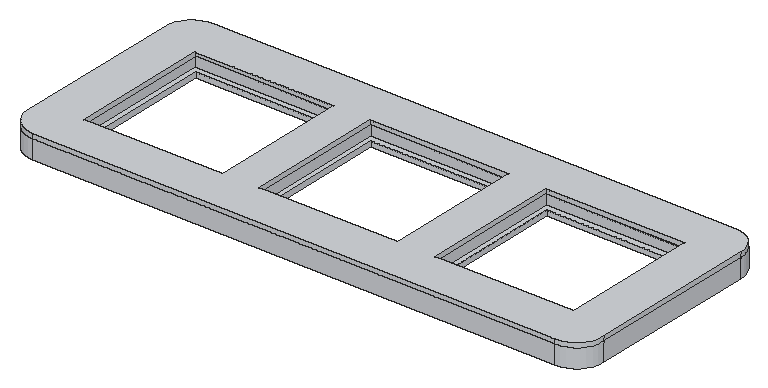
Revit family "Gira_0213426", category Electrical Fixtures, host Face, Revit 2017
Family settings
  Host = Face
  Maintain Annotation Orientation = No
  Round Connector Dimension = Use Diameter
  Part Type = Normal
  Cut with Voids When Loaded = No
  Shared = No
  Room Calculation Point = No
Parameters (values of type "Abdeckrahmen 3f Gira E3 Umbra/Anthrazit")
  Werkstoffgüte = "sonstige"
  Werkstoff = "sonstige"
  URL = "http://katalog.gira.de/de_DE/datenblatt.html?artikelnr=0213426"
  Transparent = "No"
  Textfeld/Beschriftungsfläche = "No"
  Schutzart (IP) = "IP20"
  Region = "DE"
  Oberfläche = "sonstige"
  Name = "Abdeckrahmen 3f Gira E3 Umbra/Anthrazit"
  Montagerichtung = "horizontal und vertikal"
  Mit Montagerahmen = "No"
  Mit Klappdeckel = "No"
  Manufacturer URL = "https://www.gira.de/"
  Keynote = "E3_Rahmen_3fach"
  HeinzeBIM = "https://bimportal.heinze.de/bim/abdeckrahmen-3f-gira-e3-umbra-anthrazit/c8246e67e5d32afc3f5b97202b34262bb68b8af3"
  Halogenfrei = "No"
  HAN = "0213426"
  Geeignet für Unterputz-Installation = "Yes"
  Geeignet für Unterflurkanaldose = "No"
  Geeignet für Geräteeinbaukanal = "No"
  Geeignet für Einbauinstallation = "No"
  GTIN = "4010337024477"
  Farbe = "sonstige"
  Default Elevation = 1219.2 mm
  Data sheet (1) = "https://katalog.gira.de/de_DE/download.html?artikelnr=0213426"
  Category = "Abdeckrahmen"
  Befestigungsart = "Klemmbefestigung"
  Available = "Yes"
  Anzahl der Einheiten vertikal = "3 "
  Anzahl der Einheiten horizontal = "3 "
  Anzahl der Einheiten = "3 "
Reference planes
  plane 1 "Center (Front/Back)": y = 0
  plane 2: z = 0
  plane 3 "Center (Left/Right)": x = 0
Forms (mm)
  Extrusion 1, solid, detail levels fine
    sketch origin (0, 0, 0) x (1, 0, 0) y (0, 1, 0)
      loop
        arc (-106.1, 45.809) -> (-113.884, 42.585) -> (-117.109, 34.8) r 11.009
        line (-117.109, 34.8) -> (-117.109, -34.8)
        arc (-117.109, -34.8) -> (-113.884, -42.585) -> (-106.1, -45.809) r 11.009
        line (-106.1, -45.809) -> (106.1, -45.809)
        arc (106.1, -45.809) -> (113.884, -42.585) -> (117.109, -34.8) r 11.009
        line (117.109, -34.8) -> (117.109, 34.8)
        arc (117.109, 34.8) -> (113.884, 42.585) -> (106.1, 45.809) r 11.009
        line (106.1, 45.809) -> (-106.1, 45.809)
      loop
        line (-43.2, 28.187) -> (-99.456, 28.187) -> (-99.456, -28.187) -> (-43.2, -28.187) -> (-43.2, 28.187)
      loop
        line (-28.3, 28.187) -> (-28.3, -28.187) -> (27.956, -28.187) -> (27.956, 28.187) -> (-28.3, 28.187)
      loop
        line (43.2, 28.187) -> (43.2, -28.187) -> (99.456, -28.187) -> (99.456, 28.187) -> (43.2, 28.187)
    from 7.65 to 9.5
  Extrusion 2, solid, detail levels fine
    sketch origin (-71.5, 0, 0) x (1, 0, 0) y (0, 1, 0)
      loop
        line (26.1, 25.7) -> (-25.7, 25.7) -> (-25.7, -25.7) -> (26.1, -25.7) -> (26.1, 25.7)
      loop
        line (-28.187, -28.156) -> (28.187, -28.156) -> (28.187, 28.156) -> (-28.187, 28.156) -> (-28.187, -28.156)
    from 1.65 to 3.9
  Extrusion 3, solid, detail levels fine
    sketch origin (0, 0, 0) x (1, 0, 0) y (0, 1, 0)
      loop
        arc (-106.1, 45.809) -> (-113.884, 42.585) -> (-117.109, 34.8) r 11.009
        line (-117.109, 34.8) -> (-117.109, -34.8)
        arc (-117.109, -34.8) -> (-113.884, -42.585) -> (-106.1, -45.809) r 11.009
        line (-106.1, -45.809) -> (106.1, -45.809)
        arc (106.1, -45.809) -> (113.884, -42.585) -> (117.109, -34.8) r 11.009
        line (117.109, -34.8) -> (117.109, 34.8)
        arc (117.109, 34.8) -> (113.884, 42.585) -> (106.1, 45.809) r 11.009
        line (106.1, 45.809) -> (-106.1, 45.809)
      loop
        line (-115.143, 34.785) -> (-115.143, -34.785)
        arc (-115.143, -34.785) -> (-112.49, -41.19) -> (-106.084, -43.843) r 9.058
        line (-106.084, -43.843) -> (106.084, -43.843)
        arc (106.084, -43.843) -> (112.49, -41.19) -> (115.143, -34.785) r 9.058
        line (115.143, -34.785) -> (115.143, 34.785)
        arc (115.143, 34.785) -> (112.49, 41.19) -> (106.084, 43.843) r 9.058
        line (106.084, 43.843) -> (-106.084, 43.843)
        arc (-106.084, 43.843) -> (-112.49, 41.19) -> (-115.143, 34.785) r 9.058
    from 0 to 7.65
  Extrusion 4, solid, detail levels fine
    sketch origin (-35.75, 0, 0) x (1, 0, 0) y (0, 1, 0)
      loop
        line (-62.956, -31.075) -> (62.956, -31.075)
        arc (62.956, -31.075) -> (65.599, -29.98) -> (66.694, -27.337) r 3.739
        line (66.694, -27.337) -> (66.694, 27.337)
        arc (66.694, 27.337) -> (65.599, 29.98) -> (62.956, 31.075) r 3.739
        line (62.956, 31.075) -> (-62.956, 31.075)
        arc (-62.956, 31.075) -> (-65.599, 29.98) -> (-66.694, 27.337) r 3.739
        line (-66.694, 27.337) -> (-66.694, -27.337)
        arc (-66.694, -27.337) -> (-65.599, -29.98) -> (-62.956, -31.075) r 3.739
      loop
        line (-65.544, 27.537) -> (-65.544, -27.537)
        arc (-65.544, -27.537) -> (-64.845, -29.226) -> (-63.156, -29.925) r 2.389
        line (-63.156, -29.925) -> (63.156, -29.925)
        arc (63.156, -29.925) -> (64.845, -29.226) -> (65.544, -27.537) r 2.389
        line (65.544, -27.537) -> (65.544, 27.537)
        arc (65.544, 27.537) -> (64.845, 29.226) -> (63.156, 29.925) r 2.389
        line (63.156, 29.925) -> (-63.156, 29.925)
        arc (-63.156, 29.925) -> (-64.845, 29.226) -> (-65.544, 27.537) r 2.389
    from 1.65 to 7.65
  Extrusion 5, solid, detail levels fine
    sketch origin (0, 0, 0) x (1, 0, 0) y (0, 1, 0)
      loop
        line (-103.367, -39.8) -> (103.368, -39.8)
        arc (103.368, -39.8) -> (108.982, -36.708) -> (111.215, -30.7) r 9.2
        line (111.215, -30.7) -> (111.215, 30.7)
        arc (111.215, 30.7) -> (108.52, 37.205) -> (102.015, 39.9) r 9.2
        line (102.015, 39.9) -> (-102.014, 39.9)
        arc (-102.014, 39.9) -> (-108.52, 37.205) -> (-111.214, 30.7) r 9.2
        line (-111.214, 30.7) -> (-111.214, -30.7)
        arc (-111.214, -30.7) -> (-108.982, -36.708) -> (-103.367, -39.8) r 9.2
      loop
        line (-102.014, -31.7) -> (102.015, -31.7)
        arc (102.015, -31.7) -> (102.722, -31.407) -> (103.015, -30.7) r 1
        line (103.015, -30.7) -> (103.015, 30.7)
        arc (103.015, 30.7) -> (102.722, 31.407) -> (102.015, 31.7) r 1
        line (102.015, 31.7) -> (-102.014, 31.7)
        arc (-102.014, 31.7) -> (-102.721, 31.407) -> (-103.014, 30.7) r 1
        line (-103.014, 30.7) -> (-103.014, -30.7)
        arc (-103.014, -30.7) -> (-102.721, -31.407) -> (-102.014, -31.7) r 1
    from 1.65 to 3.9
  Extrusion 6, solid, detail levels fine
    sketch origin (-71.5, 0, 0) x (1, 0, 0) y (0, 1, 0)
      loop
        line (-28.187, 28.156) -> (-28.187, -28.156) -> (28.187, -28.156) -> (28.187, 28.156) -> (-28.187, 28.156)
      loop
        line (-29.925, 29.925) -> (-29.925, -29.925) -> (29.925, -29.925) -> (29.925, 29.925) -> (-29.925, 29.925)
    from 1.65 to 7.65
  Extrusion 7, solid, detail levels coarse+medium
    sketch origin (0, 0, 0) x (1, 0, 0) y (0, 1, 0)
      loop
        line (-117.109, 45.809) -> (-117.109, -45.809) -> (117.109, -45.809) -> (117.109, 45.809) -> (-117.109, 45.809)
    from 0 to 9.5
  Extrusion 8, solid, detail levels fine
    sketch origin (0, 0, 0) x (-1, 0, 0) y (0, -1, 0)
      loop
        line (25.9, -25.7) -> (25.9, 25.7) -> (-25.9, 25.7) -> (-25.9, -25.7) -> (25.9, -25.7)
      loop
        line (-28.187, 28.156) -> (-28.187, -28.156) -> (28.187, -28.156) -> (28.187, 28.156) -> (-28.187, 28.156)
    from 1.65 to 3.9
  Extrusion 9, solid, detail levels fine
    sketch origin (0, 0, 0) x (-1, 0, 0) y (0, -1, 0)
      loop
        line (-28.187, -28.156) -> (28.187, -28.156) -> (28.187, 28.156) -> (-28.187, 28.156) -> (-28.187, -28.156)
      loop
        line (-29.925, -29.925) -> (29.925, -29.925) -> (29.925, 29.925) -> (-29.925, 29.925) -> (-29.925, -29.925)
    from 1.65 to 7.65
  Extrusion 10, solid, detail levels fine
    sketch origin (71.5, 0, 0) x (-1, 0, 0) y (0, -1, 0)
      loop
        line (26.1, -25.7) -> (26.1, 25.7) -> (-25.7, 25.7) -> (-25.7, -25.7) -> (26.1, -25.7)
      loop
        line (-28.187, 28.156) -> (-28.187, -28.156) -> (28.187, -28.156) -> (28.187, 28.156) -> (-28.187, 28.156)
    from 1.65 to 3.9
  Extrusion 11, solid, detail levels fine
    sketch origin (71.5, 0, 0) x (-1, 0, 0) y (0, -1, 0)
      loop
        line (-28.187, -28.156) -> (28.187, -28.156) -> (28.187, 28.156) -> (-28.187, 28.156) -> (-28.187, -28.156)
      loop
        line (-29.925, -29.925) -> (29.925, -29.925) -> (29.925, 29.925) -> (-29.925, 29.925) -> (-29.925, -29.925)
    from 1.65 to 7.65
Dimensions and locks
  aligned and locked: plane 2 to host face
  aligned and locked: level to host face
